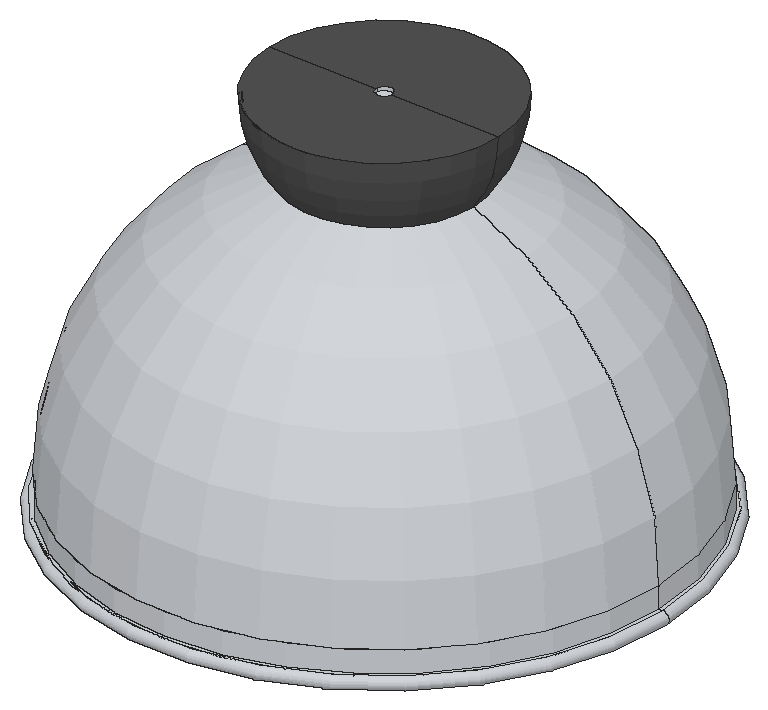
Revit family "HVF18 SHADE", category Lighting Fixtures, Revit 2024
Family settings
  Round Connector Dimension = Use Diameter
  Part Type = Normal
  OmniClass Number = 23.80.70.00
  OmniClass Title = Lighting
  Work Plane-Based = No
  Always vertical = Yes
  Cut with Voids When Loaded = No
  Light Source = Yes
  Maintain Annotation Orientation = No
  Shared = No
  Room Calculation Point = No
Parameters
  Wattage = 12.1178 W
  built-in parameter 1150110 = 1 (stored number, unit not read)
  built-in parameter 1114217 = 1 (stored number, unit not read)
  built-in parameter 1150109 = 1 (stored number, unit not read)
  built-in parameter 1150134 = (empty or 0)
  built-in parameter 1150113 = 1 (stored number, unit not read)
  Lumens = 1800 lm
  built-in parameter 1150115 = 1 (stored number, unit not read)
  built-in parameter 1150105 = 572.96 (stored number, unit not read)
  Light Source Symbol Size = 2' - 0"
  built-in parameter 1150137 = (empty or 0)
  built-in parameter 1150139 = (empty or 0)
  built-in parameter 1150112 = 1 (stored number, unit not read)
  built-in parameter 1150114 = 1 (stored number, unit not read)
  built-in parameter 1150132 = 2
  built-in parameter 1150102 = (empty or 0)
  built-in parameter 1150138 = (empty or 0)
  built-in parameter 1150107 = 3000 (stored number, unit not read)
  built-in parameter 1150106 = 5.7296 (stored number, unit not read)
  built-in parameter 1150104 = 13.8 (stored number, unit not read)
  Dimming Lamp Color Temperature Shift = (empty or 0)
  Default Elevation = 0' - 0"
  Color Filter = 16777215
  built-in parameter 1114218 = 1 (stored number, unit not read)
  built-in parameter 1150133 = 10 (stored number, unit not read)
Reference planes (in)
  plane 1 "Light Source Axis (F/B)": y = 0
  plane 2: z = 0
  plane 3 "Light Source Axis (L/R)": x = 0
  plane 4 "Light Source Elevation": z = 54
Forms (in)
  Revolve 1, solid
    sketch origin (0, 0, 0) x (1, 0, 0) y (0, 0, 1)
      loop
        line (-0.25, 65.99753) -> (-3.62465, 65.99753)
        arc (-3.62465, 65.99753) -> (-3.41996, 64.79667) -> (-2.82902, 63.73142) r 3.625
        arc (-2.82902, 63.73142) -> (-7.15375, 60.34244) -> (-8.68865, 55.06678) r 8.9636
        line (-8.68865, 55.06678) -> (-8.68865, 54.3945) -> (-8.80066, 54.3945)
        arc (-8.80066, 54.3945) -> (-8.94305, 54.06075) -> (-8.60358, 54.18893) r 0.19725
        line (-8.60358, 54.18893) -> (-8.5949, 54.3945) -> (-8.5949, 55.06811)
        arc (-8.5949, 55.06811) -> (-7.03899, 60.34434) -> (-2.67141, 63.68854) r 8.86985
        arc (-2.67141, 63.68854) -> (-3.29241, 64.72182) -> (-3.52966, 65.90378) r 3.53125
        line (-3.52966, 65.90378) -> (-0.25, 65.90378) -> (-0.25, 65.99753)
      axis (0, 65.99753) -> (0, 54.18893)
    angle from 0 to 360
Dimensions and locks (in)
  aligned and locked: plane 3 "Light Source Axis (L/R)" to imposter light
  aligned and locked: plane 1 "Light Source Axis (F/B)" to imposter light
  aligned and locked: plane 4 "Light Source Elevation" to imposter light
  aligned and locked: level to plane 2
